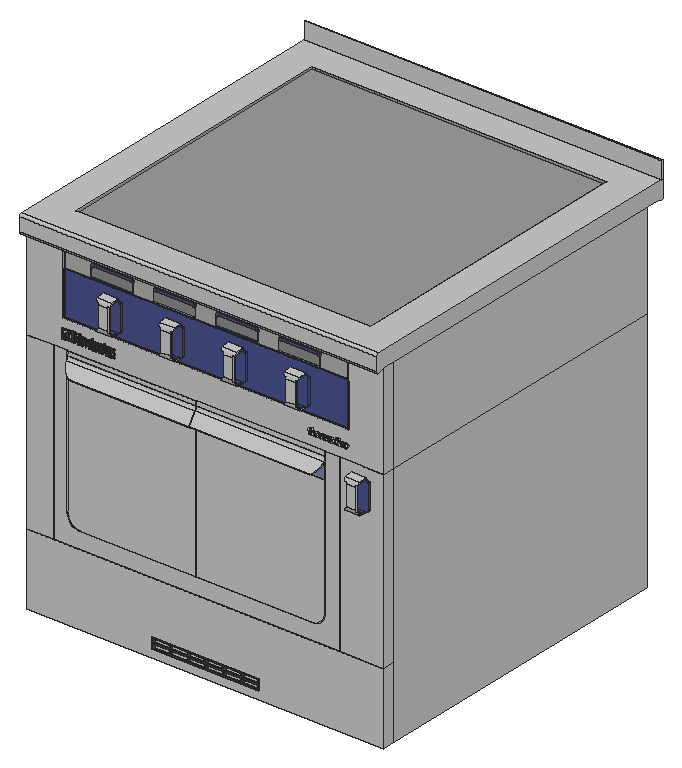
Revit family "QF_ELECTROLUXPROFESSIONAL_588437_MAIQFBH4AO", category Attrezzature speciali, Revit 2020 (continued)
Definition of nested family "Front_Panel_W800_4 Knobs"
  Definition of nested family "ELX_Professional_Logo_Small"
    Forms (mm)
      Extrusion 2, solid, material <- "Material_Logo"
        sketch origin (15.5, 0, 0) x (1, 0, 0) y (0, 1, 0)
          loop
            line (-36.666, 4.021) -> (-36.666, -3.573) -> (-34.188, -3.573) -> (-34.188, 10.824) -> (-36.666, 10.824) -> (-36.666, 4.021)
          loop
            spline (-21.915, 1.897) -> (-21.957, 2.615) -> (-22.082, 3.303) -> (-22.285, 3.955) -> (-22.563, 4.564) -> (-22.913, 5.124) -> (-23.331, 5.629) -> (-23.814, 6.074) -> (-24.359, 6.451) -> (-24.961, 6.755) -> (-25.618, 6.98) -> (-26.326, 7.119) -> (-27.081, 7.167)
            spline (-27.081, 7.167) -> (-27.853, 7.122) -> (-28.586, 6.99) -> (-29.275, 6.774) -> (-29.915, 6.478) -> (-30.5, 6.104) -> (-31.024, 5.657) -> (-31.483, 5.138) -> (-31.871, 4.553) -> (-32.182, 3.904) -> (-32.411, 3.194) -> (-32.552, 2.427) -> (-32.6, 1.606)
            spline (-32.6, 1.606) -> (-32.553, 0.805) -> (-32.416, 0.057) -> (-32.193, -0.637) -> (-31.887, -1.271) -> (-31.504, -1.843) -> (-31.048, -2.35) -> (-30.523, -2.788) -> (-29.934, -3.154) -> (-29.284, -3.444) -> (-28.579, -3.656) -> (-27.822, -3.785) -> (-27.019, -3.829)
            spline (-27.019, -3.829) -> (-26.627, -3.82) -> (-26.239, -3.79) -> (-25.856, -3.739) -> (-25.477, -3.663) -> (-25.103, -3.562) -> (-24.734, -3.432) -> (-24.369, -3.273) -> (-24.01, -3.082) -> (-23.655, -2.858) -> (-23.305, -2.597) -> (-22.96, -2.299) -> (-22.621, -1.962)
            line (-22.621, -1.962) -> (-24.114, -0.509)
            spline (-24.114, -0.509) -> (-24.311, -0.699) -> (-24.509, -0.872) -> (-24.71, -1.03) -> (-24.915, -1.172) -> (-25.126, -1.297) -> (-25.346, -1.407) -> (-25.576, -1.5) -> (-25.817, -1.576) -> (-26.072, -1.636) -> (-26.342, -1.678) -> (-26.629, -1.704) -> (-26.936, -1.713)
            spline (-26.936, -1.713) -> (-27.384, -1.691) -> (-27.805, -1.625) -> (-28.196, -1.518) -> (-28.556, -1.372) -> (-28.882, -1.187) -> (-29.174, -0.966) -> (-29.429, -0.71) -> (-29.645, -0.422) -> (-29.821, -0.102) -> (-29.955, 0.247) -> (-30.045, 0.623) -> (-30.089, 1.026)
            line (-30.089, 1.026) -> (-21.956, 1.026) -> (-21.915, 1.897)
          loop
            spline (-24.446, 2.769) -> (-24.47, 3.075) -> (-24.54, 3.37) -> (-24.654, 3.65) -> (-24.807, 3.913) -> (-24.996, 4.156) -> (-25.219, 4.376) -> (-25.472, 4.57) -> (-25.753, 4.736) -> (-26.057, 4.869) -> (-26.382, 4.968) -> (-26.724, 5.03) -> (-27.081, 5.051)
            spline (-27.081, 5.051) -> (-27.464, 5.03) -> (-27.832, 4.97) -> (-28.183, 4.872) -> (-28.513, 4.74) -> (-28.819, 4.577) -> (-29.099, 4.384) -> (-29.347, 4.165) -> (-29.563, 3.923) -> (-29.742, 3.659) -> (-29.881, 3.377) -> (-29.977, 3.079) -> (-30.027, 2.769)
            line (-30.027, 2.769) -> (-24.446, 2.769)
          loop
            spline (-18.167, 1.669) -> (-18.138, 2.13) -> (-18.055, 2.567) -> (-17.921, 2.978) -> (-17.739, 3.358) -> (-17.512, 3.705) -> (-17.243, 4.016) -> (-16.937, 4.287) -> (-16.596, 4.517) -> (-16.223, 4.7) -> (-15.823, 4.835) -> (-15.398, 4.919) -> (-14.951, 4.947)
            spline (-14.951, 4.947) -> (-14.677, 4.938) -> (-14.414, 4.913) -> (-14.162, 4.871) -> (-13.921, 4.812) -> (-13.69, 4.738) -> (-13.467, 4.649) -> (-13.254, 4.544) -> (-13.048, 4.424) -> (-12.85, 4.291) -> (-12.659, 4.143) -> (-12.474, 3.981) -> (-12.295, 3.806)
            line (-12.295, 3.806) -> (-10.76, 5.403)
            spline (-10.76, 5.403) -> (-11.065, 5.709) -> (-11.38, 5.984) -> (-11.703, 6.228) -> (-12.035, 6.443) -> (-12.375, 6.63) -> (-12.723, 6.788) -> (-13.078, 6.92) -> (-13.44, 7.026) -> (-13.809, 7.107) -> (-14.184, 7.164) -> (-14.564, 7.198) -> (-14.951, 7.209)
            spline (-14.951, 7.209) -> (-15.725, 7.161) -> (-16.467, 7.02) -> (-17.169, 6.792) -> (-17.826, 6.482) -> (-18.43, 6.096) -> (-18.976, 5.637) -> (-19.455, 5.112) -> (-19.862, 4.525) -> (-20.19, 3.882) -> (-20.433, 3.189) -> (-20.584, 2.449) -> (-20.635, 1.669)
            spline (-20.635, 1.669) -> (-20.584, 0.889) -> (-20.433, 0.149) -> (-20.19, -0.545) -> (-19.862, -1.187) -> (-19.455, -1.774) -> (-18.976, -2.299) -> (-18.43, -2.758) -> (-17.826, -3.145) -> (-17.169, -3.454) -> (-16.467, -3.682) -> (-15.725, -3.823) -> (-14.951, -3.871)
            spline (-14.951, -3.871) -> (-14.564, -3.86) -> (-14.184, -3.826) -> (-13.809, -3.77) -> (-13.44, -3.689) -> (-13.078, -3.583) -> (-12.723, -3.451) -> (-12.375, -3.292) -> (-12.035, -3.105) -> (-11.703, -2.89) -> (-11.38, -2.646) -> (-11.065, -2.371) -> (-10.76, -2.066)
            line (-10.76, -2.066) -> (-12.295, -0.468)
            spline (-12.295, -0.468) -> (-12.474, -0.643) -> (-12.659, -0.805) -> (-12.85, -0.953) -> (-13.048, -1.087) -> (-13.254, -1.206) -> (-13.467, -1.311) -> (-13.69, -1.4) -> (-13.921, -1.475) -> (-14.162, -1.533) -> (-14.414, -1.575) -> (-14.677, -1.6) -> (-14.951, -1.609)
            spline (-14.951, -1.609) -> (-15.398, -1.581) -> (-15.823, -1.497) -> (-16.223, -1.362) -> (-16.596, -1.179) -> (-16.937, -0.95) -> (-17.243, -0.678) -> (-17.512, -0.367) -> (-17.739, -0.02) -> (-17.921, 0.36) -> (-18.055, 0.771) -> (-18.138, 1.208) -> (-18.167, 1.669)
          loop
            spline (-4.441, -1.243) -> (-4.659, -1.247) -> (-4.894, -1.23) -> (-5.137, -1.19) -> (-5.384, -1.121) -> (-5.628, -1.021) -> (-5.864, -0.884) -> (-6.084, -0.708) -> (-6.283, -0.488) -> (-6.454, -0.219) -> (-6.592, 0.101) -> (-6.69, 0.478) -> (-6.742, 0.914)
            line (-6.742, 0.914) -> (-6.742, 4.587) -> (-4.487, 4.587) -> (-4.487, 6.838) -> (-6.738, 6.838) -> (-6.738, 10.824) -> (-9.217, 10.824) -> (-9.217, 0.773)
            spline (-9.217, 0.773) -> (-9.164, 0.19) -> (-9.068, -0.358) -> (-8.928, -0.87) -> (-8.742, -1.343) -> (-8.511, -1.777) -> (-8.232, -2.168) -> (-7.904, -2.515) -> (-7.527, -2.816) -> (-7.098, -3.069) -> (-6.618, -3.273) -> (-6.084, -3.426) -> (-5.496, -3.525)
            line (-5.496, -3.525) -> (-4.45, -3.573) -> (-4.441, -1.243)
          loop
            spline (3.898, 6.983) -> (3.469, 7.009) -> (3.056, 7.001) -> (2.661, 6.961) -> (2.283, 6.888) -> (1.925, 6.785) -> (1.588, 6.652) -> (1.272, 6.49) -> (0.979, 6.301) -> (0.71, 6.085) -> (0.465, 5.844) -> (0.247, 5.578) -> (0.056, 5.289)
            line (0.056, 5.289) -> (0.056, 6.838) -> (-2.402, 6.838) -> (-2.402, -3.572) -> (0.056, -3.572) -> (0.056, 1.901)
            spline (0.056, 1.901) -> (0.079, 2.316) -> (0.145, 2.703) -> (0.254, 3.06) -> (0.404, 3.386) -> (0.592, 3.679) -> (0.818, 3.938) -> (1.08, 4.162) -> (1.375, 4.348) -> (1.703, 4.495) -> (2.062, 4.602) -> (2.45, 4.668) -> (2.865, 4.69)
            line (2.865, 4.69) -> (3.898, 4.586) -> (3.898, 6.983)
          loop
            spline (15.638, 1.633) -> (15.586, 2.396) -> (15.435, 3.124) -> (15.192, 3.81) -> (14.863, 4.449) -> (14.455, 5.034) -> (13.975, 5.56) -> (13.43, 6.021) -> (12.826, 6.411) -> (12.17, 6.724) -> (11.469, 6.955) -> (10.729, 7.098) -> (9.958, 7.147)
            spline (9.958, 7.147) -> (9.182, 7.098) -> (8.44, 6.955) -> (7.737, 6.724) -> (7.081, 6.411) -> (6.477, 6.021) -> (5.933, 5.56) -> (5.454, 5.034) -> (5.048, 4.449) -> (4.721, 3.81) -> (4.479, 3.124) -> (4.329, 2.396) -> (4.277, 1.633)
            spline (4.277, 1.633) -> (4.329, 0.869) -> (4.479, 0.141) -> (4.721, -0.544) -> (5.048, -1.183) -> (5.454, -1.768) -> (5.933, -2.294) -> (6.477, -2.755) -> (7.081, -3.145) -> (7.737, -3.459) -> (8.44, -3.69) -> (9.182, -3.833) -> (9.958, -3.882)
            spline (9.958, -3.882) -> (10.729, -3.833) -> (11.469, -3.69) -> (12.17, -3.459) -> (12.826, -3.145) -> (13.43, -2.755) -> (13.975, -2.294) -> (14.455, -1.768) -> (14.863, -1.183) -> (15.192, -0.544) -> (15.435, 0.141) -> (15.586, 0.869) -> (15.638, 1.633)
          loop
            spline (13.18, 1.633) -> (13.151, 2.083) -> (13.067, 2.513) -> (12.932, 2.918) -> (12.748, 3.296) -> (12.52, 3.642) -> (12.251, 3.954) -> (11.943, 4.227) -> (11.601, 4.459) -> (11.228, 4.645) -> (10.828, 4.782) -> (10.403, 4.867) -> (9.958, 4.896)
            spline (9.958, 4.896) -> (9.509, 4.867) -> (9.081, 4.782) -> (8.679, 4.645) -> (8.306, 4.459) -> (7.964, 4.227) -> (7.658, 3.954) -> (7.39, 3.642) -> (7.163, 3.296) -> (6.981, 2.918) -> (6.847, 2.513) -> (6.765, 2.083) -> (6.736, 1.633)
            spline (6.736, 1.633) -> (6.765, 1.182) -> (6.847, 0.753) -> (6.981, 0.347) -> (7.163, -0.031) -> (7.39, -0.377) -> (7.658, -0.689) -> (7.964, -0.962) -> (8.306, -1.193) -> (8.679, -1.38) -> (9.081, -1.517) -> (9.509, -1.602) -> (9.958, -1.631)
            spline (9.958, -1.631) -> (10.403, -1.602) -> (10.828, -1.517) -> (11.228, -1.38) -> (11.601, -1.193) -> (11.943, -0.962) -> (12.251, -0.689) -> (12.52, -0.377) -> (12.748, -0.031) -> (12.932, 0.347) -> (13.067, 0.753) -> (13.151, 1.182) -> (13.18, 1.633)
          loop
            line (17.162, 4.269) -> (17.162, -3.573) -> (19.642, -3.573) -> (19.642, 10.824) -> (17.162, 10.824) -> (17.162, 4.269)
          loop
            line (28.581, 6.838) -> (28.581, 0.786)
            spline (28.581, 0.786) -> (28.561, 0.393) -> (28.503, 0.038) -> (28.409, -0.279) -> (28.281, -0.559) -> (28.122, -0.802) -> (27.933, -1.011) -> (27.717, -1.185) -> (27.476, -1.325) -> (27.213, -1.433) -> (26.929, -1.509) -> (26.626, -1.554) -> (26.308, -1.569)
            spline (26.308, -1.569) -> (25.99, -1.554) -> (25.688, -1.509) -> (25.404, -1.434) -> (25.141, -1.326) -> (24.9, -1.187) -> (24.684, -1.014) -> (24.496, -0.807) -> (24.336, -0.565) -> (24.209, -0.288) -> (24.115, 0.026) -> (24.057, 0.376) -> (24.037, 0.765)
            line (24.037, 0.765) -> (24.037, 6.838) -> (21.537, 6.838) -> (21.537, 0.558)
            spline (21.537, 0.558) -> (21.581, -0.153) -> (21.71, -0.8) -> (21.916, -1.384) -> (22.195, -1.904) -> (22.54, -2.362) -> (22.944, -2.757) -> (23.403, -3.09) -> (23.909, -3.362) -> (24.456, -3.572) -> (25.04, -3.722) -> (25.652, -3.811) -> (26.288, -3.841)
            spline (26.288, -3.841) -> (26.929, -3.811) -> (27.547, -3.72) -> (28.135, -3.568) -> (28.687, -3.355) -> (29.197, -3.079) -> (29.66, -2.741) -> (30.068, -2.341) -> (30.415, -1.877) -> (30.696, -1.349) -> (30.905, -0.757) -> (31.034, -0.101) -> (31.079, 0.621)
            line (31.079, 0.621) -> (31.079, 6.838) -> (28.581, 6.838)
          loop
            line (40.457, -0.243) -> (38.894, 1.942) -> (40.83, 4.579) -> (42.488, 6.837) -> (39.782, 6.837) -> (37.53, 3.719) -> (35.258, 6.837) -> (32.573, 6.837) -> (34.113, 4.731) -> (36.167, 1.922) -> (34.014, -1.076) -> (32.222, -3.573) -> (34.887, -3.573) -> (37.53, 0.104) -> (40.174, -3.573) -> (42.839, -3.573) -> (40.457, -0.243)
          loop
            line (-46.121, -5.837) -> (-48.039, -5.837) -> (-48.039, -10.814) -> (-47.016, -10.814) -> (-47.016, -9.128) -> (-46.121, -9.128)
            arc (-46.121, -9.128) -> (-44.476, -7.482) -> (-46.121, -5.837) r 1.645
          loop
            line (-46.163, -6.778) -> (-47.016, -6.778) -> (-47.016, -8.187) -> (-46.163, -8.187)
            arc (-46.163, -8.187) -> (-45.458, -7.482) -> (-46.163, -6.778) r 0.704
          loop
            line (-38.313, -5.837) -> (-40.265, -5.837) -> (-40.265, -10.814) -> (-39.241, -10.814) -> (-39.241, -9.1) -> (-38.46, -9.182) -> (-37.48, -10.814) -> (-36.318, -10.814) -> (-37.513, -8.848)
            arc (-37.513, -8.848) -> (-36.888, -8.266) -> (-36.671, -7.441) r 1.536
            arc (-36.671, -7.441) -> (-37.165, -6.305) -> (-38.313, -5.837) r 1.643
          loop
            arc (-38.402, -8.166) -> (-37.707, -7.505) -> (-38.334, -6.778) r 0.696
            line (-38.334, -6.778) -> (-39.241, -6.778) -> (-39.241, -8.166) -> (-38.402, -8.166)
          loop
            circle (-29.965, -8.325) r 2.585
          loop
            circle (-29.965, -8.325) r 1.64
          loop
            line (-23.1, -5.837) -> (-23.1, -10.814) -> (-22.076, -10.814) -> (-22.076, -8.768) -> (-20.204, -8.768) -> (-20.204, -7.828) -> (-22.076, -7.828) -> (-22.076, -6.778) -> (-20.024, -6.778) -> (-20.024, -5.837) -> (-23.1, -5.837)
          loop
            line (-15.802, -5.837) -> (-15.802, -9.2)
            arc (-15.802, -9.2) -> (-15.343, -10.34) -> (-14.209, -10.814) r 1.593
            line (-14.209, -10.814) -> (-12.602, -10.814) -> (-12.602, -10.027) -> (-14.004, -10.027)
            arc (-14.004, -10.027) -> (-14.552, -9.8) -> (-14.779, -9.252) r 0.775
            line (-14.779, -9.252) -> (-14.779, -8.424) -> (-12.789, -8.424) -> (-12.789, -7.642) -> (-14.779, -7.642) -> (-14.779, -6.778) -> (-12.651, -6.778) -> (-12.651, -5.837) -> (-15.802, -5.837)
          loop
            line (-5.909, -7.143) -> (-5.173, -6.638)
            arc (-5.173, -6.638) -> (-5.855, -5.974) -> (-6.781, -5.755) r 1.782
            arc (-6.781, -5.755) -> (-7.397, -5.878) -> (-7.944, -6.189) r 1.974
            arc (-7.944, -6.189) -> (-8.202, -6.5) -> (-8.317, -6.888) r 1.013
            arc (-8.317, -6.888) -> (-8.306, -7.341) -> (-8.192, -7.78) r 1.985
            arc (-8.192, -7.78) -> (-7.749, -8.259) -> (-7.171, -8.563) r 1.928
            arc (-7.171, -8.563) -> (-6.637, -8.779) -> (-6.131, -9.056) r 5.041
            arc (-6.131, -9.056) -> (-5.934, -9.387) -> (-6.09, -9.74) r 0.42
            arc (-6.09, -9.74) -> (-6.631, -9.96) -> (-7.204, -9.845) r 1.016
            arc (-7.204, -9.845) -> (-7.625, -9.603) -> (-7.889, -9.196) r 1.033
            line (-7.889, -9.196) -> (-8.67, -9.686)
            arc (-8.67, -9.686) -> (-8.361, -10.198) -> (-7.908, -10.589) r 1.914
            arc (-7.908, -10.589) -> (-7.334, -10.834) -> (-6.714, -10.896) r 2.063
            arc (-6.714, -10.896) -> (-5.947, -10.743) -> (-5.256, -10.376) r 2.696
            arc (-5.256, -10.376) -> (-4.95, -9.565) -> (-5.108, -8.712) r 1.618
            arc (-5.108, -8.712) -> (-5.448, -8.319) -> (-5.884, -8.035) r 1.876
            arc (-5.884, -8.035) -> (-6.434, -7.789) -> (-6.999, -7.577) r 9.883
            arc (-6.999, -7.577) -> (-7.325, -7.07) -> (-6.854, -6.694) r 0.45
            arc (-6.854, -6.694) -> (-6.329, -6.809) -> (-5.909, -7.143) r 1.197
          loop
            line (1.61, -7.143) -> (2.345, -6.638)
            arc (2.345, -6.638) -> (1.663, -5.974) -> (0.737, -5.755) r 1.782
            arc (0.737, -5.755) -> (0.121, -5.878) -> (-0.425, -6.189) r 1.974
            arc (-0.425, -6.189) -> (-0.683, -6.5) -> (-0.799, -6.888) r 1.013
            arc (-0.799, -6.888) -> (-0.788, -7.341) -> (-0.674, -7.78) r 1.985
            arc (-0.674, -7.78) -> (-0.231, -8.259) -> (0.347, -8.563) r 1.928
            arc (0.347, -8.563) -> (0.881, -8.779) -> (1.387, -9.056) r 5.041
            arc (1.387, -9.056) -> (1.584, -9.387) -> (1.428, -9.74) r 0.42
            arc (1.428, -9.74) -> (0.887, -9.96) -> (0.314, -9.845) r 1.016
            arc (0.314, -9.845) -> (-0.107, -9.603) -> (-0.371, -9.196) r 1.033
            line (-0.371, -9.196) -> (-1.152, -9.686)
            arc (-1.152, -9.686) -> (-0.842, -10.198) -> (-0.39, -10.589) r 1.914
            arc (-0.39, -10.589) -> (0.184, -10.834) -> (0.804, -10.896) r 2.063
            arc (0.804, -10.896) -> (1.572, -10.743) -> (2.263, -10.376) r 2.696
            arc (2.263, -10.376) -> (2.568, -9.565) -> (2.411, -8.712) r 1.618
            arc (2.411, -8.712) -> (2.07, -8.319) -> (1.635, -8.035) r 1.876
            arc (1.635, -8.035) -> (1.084, -7.789) -> (0.519, -7.577) r 9.883
            arc (0.519, -7.577) -> (0.193, -7.07) -> (0.665, -6.694) r 0.45
            arc (0.665, -6.694) -> (1.189, -6.809) -> (1.61, -7.143) r 1.197
          loop
            line (6.801, -5.837) -> (6.801, -10.814) -> (7.825, -10.814) -> (7.825, -5.837) -> (6.801, -5.837)
          loop
            circle (14.724, -8.325) r 1.548
          loop
            circle (14.724, -8.325) r 2.585
          loop
            line (21.59, -10.814) -> (22.623, -10.814) -> (22.623, -7.685) -> (24.9, -10.814) -> (25.895, -10.814) -> (25.895, -5.837) -> (24.861, -5.837) -> (24.861, -9.061) -> (22.585, -5.837) -> (21.59, -5.837) -> (21.59, -10.814)
          loop
            line (31.054, -10.814) -> (31.539, -9.74) -> (33.38, -9.74) -> (33.865, -10.814) -> (34.965, -10.814) -> (32.46, -5.837) -> (29.956, -10.814) -> (31.054, -10.814)
          loop
            line (32.46, -7.698) -> (31.999, -8.719) -> (32.921, -8.719) -> (32.46, -7.698)
          loop
            line (40.047, -9.873) -> (40.047, -5.837) -> (39.024, -5.837) -> (39.024, -10.814) -> (41.961, -10.814) -> (41.961, -9.873) -> (40.047, -9.873)
          loop
            line (-74.986, -10.814) -> (-53.322, -10.814) -> (-53.322, 10.82) -> (-74.986, 10.82) -> (-74.986, -10.814)
          loop
            line (-61.261, 9.758) -> (-61.261, -9.707)
            arc (-61.261, -9.707) -> (-54.066, 0.025) -> (-61.261, 9.758) r 10.18
          loop
            line (-62.251, 8.349) -> (-62.251, 9.758)
            arc (-62.251, 9.758) -> (-70.347, 7.918) -> (-74.247, 0.59) r 9.976
            line (-74.247, 0.59) -> (-71.026, 0.59)
            arc (-71.026, 0.59) -> (-65.274, 2.925) -> (-62.251, 8.349) r 9.351
          loop
            arc (-74.247, -0.539) -> (-70.353, -7.928) -> (-62.251, -9.957) r 10.237
            line (-62.251, -9.957) -> (-62.251, -8.298)
            arc (-62.251, -8.298) -> (-65.274, -2.874) -> (-71.026, -0.539) r 9.351
            line (-71.026, -0.539) -> (-74.247, -0.539)
        from 0 to 1.644
    Dimensions and locks
      aligned and locked: plane 2 to Extrusion 1
      aligned and locked: level to Extrusion 1
